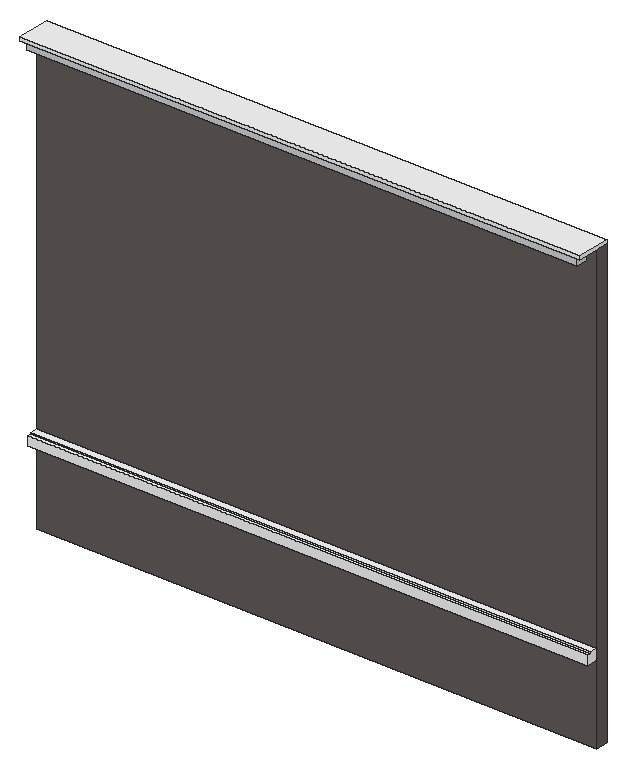
Revit family "Storage-Mounted-Teknion-B_WPA-Wall_Panel-R2018", category Furniture, Revit 2018
Family settings
  OmniClass Number = 23.40.70.14.64.21
  OmniClass Title = Systems Furniture
  Work Plane-Based = No
  Always vertical = Yes
  Cut with Voids When Loaded = No
  Shared = Yes
  Room Calculation Point = No
Parameters (values of type "On High Secondary Desk")
  Width [instance] = 48.000"
  Warranty = "http://www.teknion.com/ca/papers/legal-canada"
  Unit Weight URL = "http://www.teknion.com/pricing/expansion-casegoods/pdfs/wv.pdf"
  URL = "http://www.teknion.com/"
  Top and Accessory Rail Finish [instance] = Mica - Teknion - V - Satin - Very White
  Tackboard Upholstery Finish [instance] = Fabric - Teknion - S613 - Saturate - Dune
  Tackboard Bottom Starting Offset [instance] = if(and(High Secondary Desk Mounting Style, not(Has Accessory Rail)), 26.972", if(and([1" Thick Standard Worksurface Mounting Style], not(Has Accessory Rail)), 28.823", if(and([1-3/16" Thick Standard Worksurface Mounting Style], not(Has Accessory Rail)), 28.996", if(and([1-9/16" Thick Standard Worksurface Mounting Style], not(Has Accessory Rail)), 29.362", if(and([Mid-Height Mounting Style], not(Has Accessory Rail)), 21.000", 34.620")))))  # 34.620"
  Sustainability Data = "http://www.teknion.com/about-teknion/environment/datasheets.asp"
  Product Page URL = "http://www.teknion.com/ca/products/product-details?productlineid=0053336e-8e7a-673b-a6c8-ff00004460c4"
  Product Line = "Expansion Casegoods"  # constant formula
  Product Documentation Link #7 = "http://www.teknion.com/pricing/Expansion-Casegoods/pdfs/BBAS_ppg.pdf"
  Product Documentation Link #6 = "http://www.teknion.com/pricing/Expansion-Casegoods/pdfs/BLED_ppg.pdf"
  Product Documentation Link #5 = "http://www.teknion.com/pricing/Expansion-Casegoods/pdfs/BBWAM_ppg.pdf"
  Product Documentation Link #4 = "http://www.teknion.com/pricing/Expansion-Casegoods/pdfs/BBWAE_ppg.pdf"
  Product Documentation Link #3 = "http://www.teknion.com/pricing/Expansion-Casegoods/pdfs/BBWAP_ppg.pdf"
  Product Documentation Link #2 = "http://www.teknion.com/pricing/Expansion-Casegoods/pdfs/BBWAT_ppg.pdf"
  Product Documentation Link = "http://www.teknion.com/pricing/Expansion-Casegoods/pdfs/B_WPA_ppg.pdf"
  Power/Data Visibility [instance] = if(and(not(Low Secondary Desk Mounting Style), not(Has Accessory Rail), or(Has Glass Markerboard, Has Porcelain Markerboard, Has Fabric Tackboard, Has Felt Tackboard)), 1 > 2, not(No Power and Data))  # no
  Power/Data Plan View Offset [instance] = if(or([Power and Data Under Worksurface - Left], [Power and Data Over Worksurface - Left]), 15.000", if(or([Power and Data Under Worksurface - Right], [Power and Data Over Worksurface - Right]), Actual Width - 15.000", Actual Width / 2))  # 23.880"
  Power Data Height Offset [instance] = if(High Secondary Desk Mounting Style, 3.648", if([1" Thick Standard Worksurface Mounting Style], 1.797", if([1-3/16" Thick Standard Worksurface Mounting Style], 1.624", if([1-9/16" Thick Standard Worksurface Mounting Style], 1.258", if(and(Low Secondary Desk Mounting Style, or([Power and Data Over Worksurface - Center], [Power and Data Over Worksurface - Left], [Power and Data Over Worksurface - Right])), 13.195", 3.480")))))  # 3.648"
  Porcelain/Glass Markerboard Visibility [instance] = or(Has Glass Markerboard, Has Porcelain Markerboard)  # no
  Part Number = "B_WPA"  # constant formula
  Panel Finish [instance] = Veneer - Teknion - VB - Flintwood - Black Walnut
  No Power and Data [instance] = not(or([Power and Data Over Worksurface - Center], [Power and Data Over Worksurface - Left], [Power and Data Over Worksurface - Right], [Power and Data Under Worksurface - Center], [Power and Data Under Worksurface - Left], [Power and Data Under Worksurface - Right]))  # yes
  Power and Data Under Worksurface - Right [instance] = no
  Power and Data Under Worksurface - Left [instance] = no
  Power and Data Under Worksurface - Center [instance] = no
  Linear LED Light Width Type [instance] = Lighting-Teknion-BLED_Linear_LED_Light-R2018 : 48" Width
  Light Shelf Note [instance] = "Light Shelf can only be specified if the Has Top Shelf & Accessory Rail option is selected above."  # constant formula
  Light Shelf Finish = Mica - Teknion - V - Satin - Very White
  Has Porcelain Markerboard [instance] = no
  Has No Accessory Board [instance] = not(or(Has Glass Markerboard, Has Porcelain Markerboard, Has Fabric Tackboard, Has Felt Tackboard))  # yes
  Has Linear LED Light [instance] = yes
  Has Light Shelf [instance] = no
  Has Felt Tackboard [instance] = no
  Fabric/Felt Tackboard Visibility [instance] = or(Has Fabric Tackboard, Has Felt Tackboard)  # no
  Available Widths [instance] = "24, 30, 36, 42, 48, 54, 60, 66, 72, 78, 84, or 90 inches."  # constant formula
  Model = "BHWPA_____"
  Mid-Height Mounting Style = no
  Manufacturer Phone = "416-661-3370"  # constant formula
  Manufacturer Fax = "416.661.4586"  # constant formula
  Manufacturer Contact Information = "http://www.teknion.com/ca/contactus"
  Manufacturer Address = "1150 Flint Road, Toronto, ON. M3J 2J5. Canada"
  Manufacturer = "Teknion"  # constant formula
  Low Secondary Desk Mounting Style = no
  High Secondary Desk Mounting Style = yes
  Has Fabric Tackboard [instance] = no
  Bottom of Standard Overhead Cabinet mounted at 72" [instance] = no
  Bottom of Standard Overhead Cabinet mounted at 66" [instance] = no
  Power and Data Over Worksurface - Right [instance] = no
  Power and Data Over Worksurface - Left [instance] = no
  Power and Data Over Worksurface - Center [instance] = no
  Has Glass Markerboard [instance] = no
  Bottom of Cubic Overhead Cabinet mounted at 72" [instance] = no
  Bottom of Cubic Overhead Cabinet mounted at 66" [instance] = not(or([72" Datum Height], [66" Datum Height], [Bottom of Standard Overhead Cabinet mounted at 72"], [Bottom of Cubic Overhead Cabinet mounted at 72"], [Bottom of Standard Overhead Cabinet mounted at 66"]))  # no
  Has Accessory Rail [instance] = yes
  Glass Markerboard Finish [instance] = Back-painted Glass - K7 - Teknion - Very White
  Description = "Wall Panel, High Secondary Desk"
  Datum Height Note [instance] = if(or([1" Thick Standard Worksurface Mounting Style], [1-3/16" Thick Standard Worksurface Mounting Style], [1-9/16" Thick Standard Worksurface Mounting Style]), "Please choose one of the following options below. Bottom of Cubic Overhead Cabinet at 66 and Bottom of Cubic Overhead Cabinet mounted at 72 options not available", if([Mid-Height Mounting Style], "Select either 66 Datum Height or 72 Datum Height.", "Please choose one of the following options below."))  # "Please choose one of the following options below."
  Bottom of Wall Panel Height = if(High Secondary Desk Mounting Style, 26.972", if(Low Secondary Desk Mounting Style, 17.425", if([1" Thick Standard Worksurface Mounting Style], 28.823", if([1-3/16" Thick Standard Worksurface Mounting Style], 28.996", if([1-9/16" Thick Standard Worksurface Mounting Style], 29.362", 21.000")))))  # 26.972"
  Available Electrical Options [instance] = if(or([Mid-Height Mounting Style], Width = 24.000", Width = 30.000"), "Choose No Power and Data.", if(or(Width = 36.000", Width = 42.000"), "Choose between No Power and Data, Power and Data Under Worksurface - Center, or Power and Data Over Worksurface - Center", if(and(Low Secondary Desk Mounting Style, not(or(Width = 24.000", Width = 30.000", Width = 36.000", Width = 42.000"))), "Choose one of the following options below.", "Choose between Power and Data Over Worksurface - Center, Power and Data Over Worksurface - Left, Power and Data Over Worksurface - Right, or No Power and Data.")))  # "Choose between Power and Data Over Worksurface - Center, Power and Data Over Worksurface - Left, Power and Data Over Worksurface - Right, or No Power and Data."
  Assembly Code = "E2020200"
  Actual Width [instance] = if(Width = 24.000", 23.880", if(Width = 30.000", 29.850", if(Width = 36.000", 35.820", if(Width = 42.000", 41.790", if(Width = 48.000", 47.760", if(Width = 54.000", 53.730", if(Width = 60.000", 59.700", if(Width = 66.000", 65.670", if(Width = 72.000", 71.640", if(Width = 78.000", 77.610", if(Width = 84.000", 83.580", 89.551")))))))))))  # 47.760"
  Actual Height [instance] = if([72" Datum Height], 71.626", if([66" Datum Height], 65.374", if([Bottom of Standard Overhead Cabinet mounted at 72"], 57.059", if([Bottom of Cubic Overhead Cabinet mounted at 72"], 53.644", if([Bottom of Standard Overhead Cabinet mounted at 66"], 50.807", 49.476")))))  # 65.374"
  Accessories Note [instance] = "Choose one of the following options below."  # constant formula
  72" Datum Height [instance] = no
  66" Datum Height [instance] = yes
  1-9/16" Thick Standard Worksurface Mounting Style = no
  1-3/16" Thick Standard Worksurface Mounting Style = no
  1" Thick Standard Worksurface Mounting Style = no
Types (6): name | Power Data Height Offset | Model | Mid-Height Mounting Style | Low Secondary Desk Mounting Style | High Secondary Desk Mounting Style | Description | Datum Height Note | Bottom of Wall Panel Height | Available Electrical Options | 1-9/16" Thick Standard Worksurface Mounting Style | 1-3/16" Thick Standard Worksurface Mounting Style | 1" Thick Standard Worksurface Mounting Style
  On High Secondary Desk | 3.648" | "BHWPA_____" | no | no | yes | "Wall Panel, High Secondary Desk" | "Please choose one of the following options below." | 26.972" | "Choose between Power and Data Over Worksurface - Center, Power and Data Over Worksurface - Left, Power and Data Over Worksurface - Right, or No Power and Data." | no | no | no
  On Low Secondary Desk | 3.480" | "BLWPA_____" | no | yes | no | "Wall Panel, Low Secondary Desk" | "Please choose one of the following options below." | 17.425" | "Choose one of the following options below." | no | no | no
  On 1" Thick Standard Worksurface | 1.797" | "BDWPA_____" | no | no | no | "Wall Panel, On 1\" Thick Standard Worksurface" | "Please choose one of the following options below. Bottom of Cubic Overhead Cabinet at 66 and Bottom of Cubic Overhead Cabinet mounted at 72 options not available" | 28.823" | "Choose between Power and Data Over Worksurface - Center, Power and Data Over Worksurface - Left, Power and Data Over Worksurface - Right, or No Power and Data." | no | no | yes
  On 1-3/16" Thick Standard Worksurface | 1.624" | "BMWPA_____" | no | no | no | "Wall Panel, On 1-3/16\" Thick Standard Worksurface" | "Please choose one of the following options below. Bottom of Cubic Overhead Cabinet at 66 and Bottom of Cubic Overhead Cabinet mounted at 72 options not available" | 28.996" | "Choose between Power and Data Over Worksurface - Center, Power and Data Over Worksurface - Left, Power and Data Over Worksurface - Right, or No Power and Data." | no | yes | no
  On 1-9/16" Thick Standard Worksurface | 1.258" | "BXWPA_____" | no | no | no | "Wall Panel, On 1-9/16\" Thick Standard Worksurface" | "Please choose one of the following options below. Bottom of Cubic Overhead Cabinet at 66 and Bottom of Cubic Overhead Cabinet mounted at 72 options not available" | 29.362" | "Choose between Power and Data Over Worksurface - Center, Power and Data Over Worksurface - Left, Power and Data Over Worksurface - Right, or No Power and Data." | yes | no | no
  Mid-Height Mounting Style | 3.480" | "BKWPA_____" | yes | no | no | "Wall Panel, Mid-Height Mounting Style" | "Select either 66 Datum Height or 72 Datum Height." | 21.000" | "Choose No Power and Data." | no | no | no
Reference planes (in)
  plane 1 "Center F/B": y = 0
  plane 2 "Bottom of Panel": z = 26.972
  plane 3 "Center L/R": x = 0
  plane 4 "Left": x = -23.88
  plane 5 "Right": x = 23.88
  plane 6 "Back": y = 0.5
  plane 7 "Front": y = -0.5
  plane 8 "Top": z = 65.374
  plane 9: z = 0
  plane 10: z = 49.19018
  plane 11: z = 34.38
  plane 12: y = -0.98071
  plane 13 "Power/Data Offset": x = 0
  plane 14 "Power/Data Height Offset": z = 30.62
Forms (in)
  Sweep 1, solid, material "Veneer - Teknion - VB - Flintwood - Black Walnut" <- "Panel Finish"
    path origin (0, 0, 0) x (1, 0, 0) y (0, 1, 0)
      loop
        line (-23.88, 0) -> (23.88, 0)
    profile origin (0, 0, 0) x (0, 1, 0) y (0, 0, 1)
      loop
        line (0.5, 65.05904) -> (-0.5, 65.05904) -> (-0.5, 26.972) -> (0.5, 26.972) -> (0.5, 65.05904)
  Sweep 2, solid, material "Mica - Teknion - V - Satin - Very White" <- "Top and Accessory Rail Finish"
    path origin (0, 0, 0) x (1, 0, 0) y (0, 1, 0)
      loop
        line (-23.88, 0) -> (23.88, 0)
    profile origin (0, 0, 0) x (0, 1, 0) y (0, 0, 1)
      loop
        line (0.5, 65.374) -> (-2.2874, 65.374) -> (-2.2874, 65.05904) -> (0.5, 65.05904) -> (0.5, 65.374)
  Sweep 3, solid, material "Mica - Teknion - V - Satin - Very White" <- "Top and Accessory Rail Finish", visible <- "Has Accessory Rail"
    path origin (0, 0, -37.58062) x (1, 0, 0) y (0, 1, 0)
      loop
        line (-23.88, 0) -> (23.88, 0)
    profile origin (0, 0, -37.58062) x (0, 1, 0) y (0, 0, 1)
      loop
        line (-0.5, 72.19685) -> (-1.18504, 72.19685) -> (-1.18504, 72.09842) -> (-1.46063, 72.09842) -> (-1.46063, 71.2874) -> (-0.5, 71.2874) -> (-0.5, 72.19685)
  Sweep 4, solid, material "Mica - Teknion - V - Satin - Very White", visible <- "Power/Data Visibility"
    path origin (0, 0, -27.56363) x (1, 0, 0) y (0, 1, 0)
      loop
        line (-7.48031, 0) -> (7.48031, 0)
    profile origin (0, 0, -27.56363) x (0, 1, 0) y (0, 0, 1)
      loop
        line (-0.7126, 60.8608) -> (-0.7126, 58.18363) -> (-0.5, 58.18363) -> (-0.5, 60.8608) -> (-0.7126, 60.8608)
  Sweep 5, solid, material "Fabric - Teknion - S613 - Saturate - Dune" <- "Tackboard Upholstery Finish", visible <- "Fabric/Felt Tackboard Visibility"
    path origin (0, 0, -16.37402) x (1, 0, 0) y (0, 1, 0)
      loop
        line (-23.88, 0) -> (23.88, 0)
    profile origin (0, 0, -16.37402) x (0, 1, 0) y (0, 0, 1)
      loop
        line (-1.18504, 50.99402) -> (-0.5, 50.99402) -> (-0.5, 81.43306) -> (-1.18504, 81.43306) -> (-1.18504, 50.99402)
  Extrusion 6, solid, material "Plastic - Teknion - E - Ebony", visible <- "Power/Data Visibility"
    sketch origin (0, -0.5, -0.18961) x (1, 0, 0) y (0, 0, 1)
      loop
        line (-3.62205, 32.93944) -> (-6.92913, 32.93944) -> (-6.92913, 31.36464) -> (-3.62205, 31.36464) -> (-3.62205, 32.93944)
    from 0.2126 to 0.64961
  Extrusion 7, solid, material "Plastic - Teknion - E - Ebony", visible <- "Power/Data Visibility"
    sketch origin (10.5, -0.5, -0.18961) x (1, 0, 0) y (0, 0, 1)
      loop
        line (-4.88976, 32.67969) -> (-4.88976, 31.6167) -> (-3.82677, 31.6167) -> (-3.82677, 32.67969) -> (-4.88976, 32.67969)
      loop
        line (-3.95276, 32.3982) -> (-3.95276, 32.49269) -> (-4.26772, 32.49269) -> (-4.26772, 32.3982) -> (-3.95276, 32.3982)
      loop
        arc (-4.54331, 32.05371) -> (-4.44882, 32.1482) -> (-4.54331, 32.24269) r 0.09449
        line (-4.54331, 32.24269) -> (-4.70079, 32.24269) -> (-4.70079, 32.05371) -> (-4.54331, 32.05371)
      loop
        line (-4.26772, 31.8982) -> (-4.26772, 31.80371) -> (-3.95276, 31.80371) -> (-3.95276, 31.8982) -> (-4.26772, 31.8982)
    from 0.2126 to 0.29291
  Extrusion 8, solid, material "Plastic - Teknion - E - Ebony", visible <- "Power/Data Visibility"
    sketch origin (9.24016, -0.5, -0.18961) x (1, 0, 0) y (0, 0, 1)
      loop
        line (-4.88976, 32.67969) -> (-4.88976, 31.6167) -> (-3.82677, 31.6167) -> (-3.82677, 32.67969) -> (-4.88976, 32.67969)
      loop
        line (-3.95276, 32.3982) -> (-3.95276, 32.49269) -> (-4.26772, 32.49269) -> (-4.26772, 32.3982) -> (-3.95276, 32.3982)
      loop
        arc (-4.54331, 32.05371) -> (-4.44882, 32.1482) -> (-4.54331, 32.24269) r 0.09449
        line (-4.54331, 32.24269) -> (-4.70079, 32.24269) -> (-4.70079, 32.05371) -> (-4.54331, 32.05371)
      loop
        line (-4.26772, 31.8982) -> (-4.26772, 31.80371) -> (-3.95276, 31.80371) -> (-3.95276, 31.8982) -> (-4.26772, 31.8982)
    from 0.2126 to 0.29291
  Extrusion 9, solid, material "Plastic - Teknion - E - Ebony", visible <- "Power/Data Visibility"
    sketch origin (7.98031, -0.5, -0.18961) x (1, 0, 0) y (0, 0, 1)
      loop
        line (-4.88976, 32.67969) -> (-4.88976, 31.6167) -> (-3.82677, 31.6167) -> (-3.82677, 32.67969) -> (-4.88976, 32.67969)
      loop
        line (-3.95276, 32.3982) -> (-3.95276, 32.49269) -> (-4.26772, 32.49269) -> (-4.26772, 32.3982) -> (-3.95276, 32.3982)
      loop
        arc (-4.54331, 32.05371) -> (-4.44882, 32.1482) -> (-4.54331, 32.24269) r 0.09449
        line (-4.54331, 32.24269) -> (-4.70079, 32.24269) -> (-4.70079, 32.05371) -> (-4.54331, 32.05371)
      loop
        line (-4.26772, 31.8982) -> (-4.26772, 31.80371) -> (-3.95276, 31.80371) -> (-3.95276, 31.8982) -> (-4.26772, 31.8982)
    from 0.2126 to 0.29291
  Extrusion 10, solid, material "Plastic - Teknion - E - Ebony", visible <- "Power/Data Visibility"
    sketch origin (6.72047, -0.5, -0.18961) x (1, 0, 0) y (0, 0, 1)
      loop
        line (-4.88976, 32.67969) -> (-4.88976, 31.6167) -> (-3.82677, 31.6167) -> (-3.82677, 32.67969) -> (-4.88976, 32.67969)
      loop
        line (-3.95276, 32.3982) -> (-3.95276, 32.49269) -> (-4.26772, 32.49269) -> (-4.26772, 32.3982) -> (-3.95276, 32.3982)
      loop
        arc (-4.54331, 32.05371) -> (-4.44882, 32.1482) -> (-4.54331, 32.24269) r 0.09449
        line (-4.54331, 32.24269) -> (-4.70079, 32.24269) -> (-4.70079, 32.05371) -> (-4.54331, 32.05371)
      loop
        line (-4.26772, 31.8982) -> (-4.26772, 31.80371) -> (-3.95276, 31.80371) -> (-3.95276, 31.8982) -> (-4.26772, 31.8982)
    from 0.2126 to 0.29291
  Extrusion 11, solid, material "Plastic - Teknion - E - Ebony", visible <- "Power/Data Visibility"
    sketch origin (4.25, -0.5, -0.18961) x (1, 0, 0) y (0, 0, 1)
      loop
        circle (-5.14568, 32.14822) r 0.1516
    from 0.2126 to 0.46457
  Sweep 12, solid, material "Glass - Teknion - A5 - Standard - Clear", visible <- "Porcelain/Glass Markerboard Visibility"
    path origin (0, 0, 0) x (1, 0, 0) y (0, 1, 0)
      loop
        line (-23.88, 0) -> (23.88, 0)
    profile origin (0, 0, 0) x (0, 1, 0) y (0, 0, 1)
      loop
        line (-1.18504, 34.62) -> (-0.98071, 34.62) -> (-0.98071, 65.05904) -> (-1.18504, 65.05904) -> (-1.18504, 34.62)
  Sweep 13, solid, material "Back-painted Glass - K7 - Teknion - Very White" <- "Glass Markerboard Finish", visible <- "Porcelain/Glass Markerboard Visibility"
    path origin (0, 0, 0) x (1, 0, 0) y (0, 1, 0)
      loop
        line (-23.88, 0) -> (23.88, 0)
    profile origin (0, 0, 0) x (0, 1, 0) y (0, 0, 1)
      loop
        line (-0.98071, 34.62) -> (-0.5, 34.62) -> (-0.5, 65.05904) -> (-0.98071, 65.05904) -> (-0.98071, 34.62)
  Extrusion 14, solid, material "Mica - Teknion - V - Satin - Very White" <- "Light Shelf Finish", visible <- "Has Light Shelf"
    sketch origin (-17.91, 0, -20.33308) x (0, 1, 0) y (0, 0, 1)
      loop
        line (-5.82638, 54.92869) -> (-5.82638, 54.69247) -> (-1.46063, 54.69247) -> (-1.46063, 54.85388) -> (-1.18071, 54.85388) -> (-1.18071, 54.92869) -> (-5.82638, 54.92869)
    from -5.97 to 41.79
Lines and regions (in)
  Masking region 1
    outline origin (0, 0, 0) x (1, 0, 0) y (0, 1, 0)
      loop
        line (-23.88, 0.5) -> (-23.88, -2.2874) -> (23.88, -2.2874) -> (23.88, 0.5) -> (-23.88, 0.5)
  Masking region 2, visible <- "Has Light Shelf"
    outline origin (0, 0, 0) x (1, 0, 0) y (0, 1, 0)
      loop
        line (-23.88, -1.0855) -> (-23.88, -5.82638) -> (23.88, -5.82638) -> (23.88, -1.0855) -> (-23.88, -1.0855)
  symbolic lines, style "Hidden Lines", detail levels medium+fine
    curve 1: line (-23.88, -0.5, 0) -> (23.88, -0.5, 0)
  symbolic lines, style "Hidden Lines", detail levels fine
    curve 2: line (-23.88, -1.18504, 0) -> (23.88, -1.18504, 0)
  symbolic lines, style "Hidden Lines", visible <- "Power/Data Visibility", detail levels fine
    curve 3: line (-7.48031, -0.7126, 0) -> (7.48031, -0.7126, 0)
    curve 4: line (7.48031, -0.7126, 0) -> (7.48031, -0.5, 0)
    curve 5: line (7.48031, -0.5, 0) -> (-7.48031, -0.5, 0)
    curve 6: line (-7.48031, -0.5, 0) -> (-7.48031, -0.7126, 0)
    curve 7: line (1.83071, -0.7126, 0) -> (1.83071, -0.79291, 0)
    curve 8: line (1.83071, -0.79291, 0) -> (2.8937, -0.79291, 0)
    curve 9: line (2.8937, -0.79291, 0) -> (2.8937, -0.7126, 0)
    curve 10: line (3.09055, -0.7126, 0) -> (3.09055, -0.79291, 0)
    curve 11: line (3.09055, -0.79291, 0) -> (4.15354, -0.79291, 0)
    curve 12: line (4.35039, -0.79291, 0) -> (5.41339, -0.79291, 0)
    curve 13: line (5.61024, -0.79291, 0) -> (6.67323, -0.79291, 0)
    curve 14: line (6.67323, -0.79291, 0) -> (6.67323, -0.7126, 0)
    curve 15: line (-3.62205, -1.14961, 0) -> (-3.62205, -0.7126, 0)
    curve 16: line (-6.92913, -1.14961, 0) -> (-3.62205, -1.14961, 0)
    curve 17: line (-6.92913, -0.7126, 0) -> (-6.92913, -1.14961, 0)
  reference lines, not visible
    curve 18: line (23.88, -0.5, 0) -> (-23.88, -0.5, 0)
    curve 19: line (-23.88, 0.5, 0) -> (-23.88, -0.5, 0)
    curve 20: line (-23.88, 0.5, 0) -> (23.88, 0.5, 0)
    curve 21: line (23.88, 0.5, 0) -> (23.88, -0.5, 0)
Dimensions and locks (in)
  equal spacing: plane 4 "Left", plane 3 "Center L/R", plane 5 "Right"
  equal spacing: plane 6 "Back", plane 1 "Center F/B", plane 7 "Front"
  locked: plane 6 "Back" to plane 7 "Front" at 1
  locked: plane 8 "Top" to Sweep 2 sketch curve at 0.31496
  locked: plane 6 "Back" to Sweep 2 sketch curve at 2.7874
  locked: plane 8 "Top" to Sweep 1 sketch curve at 0.31496
  "Actual Width": plane 4 "Left" to plane 5 "Right"
  locked: plane 7 "Front" to Sweep 3 sketch curve at 0.96063
  Sweep 4 sketch curve to Sweep 4 sketch curve to plane 14 "Power/Data Height Offset" = 2.67717" locked, 0.000" locked
  locked: plane 7 "Front" to Sweep 5 sketch curve at 0.68504
  Sweep 3 sketch curve to Sweep 3 sketch curve to plane 11 to Sweep 3 sketch curve = 0.09843" locked, 0.1378" locked, 0.67322" locked
  "Bottom of Wall Panel Height": plane 2 "Bottom of Panel" to plane 9
  "Actual Height": plane 8 "Top" to plane 9
  locked: plane 11 to level at 34.38
  plane 13 "Power/Data Offset" to Extrusion 6 sketch curve to Extrusion 6 sketch curve = 3.62205" locked, 3.30709" locked
  Extrusion 6 sketch curve to Extrusion 6 sketch curve to plane 14 "Power/Data Height Offset" = 1.5748" locked, 0.55502" locked
  Extrusion 7 sketch curve to Extrusion 7 sketch curve to plane 13 "Power/Data Offset" = 1.06299" locked, 5.61024" locked
  Extrusion 7 sketch curve to Extrusion 7 sketch curve to plane 14 "Power/Data Height Offset" = 1.06299" locked, 0.80709" locked
  Extrusion 7 sketch curve to Extrusion 7 sketch curve to Extrusion 7 sketch curve to Extrusion 7 sketch curve to Extrusion 7 sketch curve to Extrusion 7 sketch curve to Extrusion 7 sketch curve = 0.12598" locked, 0.000" locked, 0.31496" locked, 0.000" locked, 0.27559" locked, 0.15748" locked
  Extrusion 7 sketch curve to Extrusion 7 sketch curve to Extrusion 7 sketch curve to Extrusion 7 sketch curve to Extrusion 7 sketch curve to Extrusion 7 sketch curve to Extrusion 7 sketch curve to Extrusion 7 sketch curve = 0.18701" locked, 0.09449" locked, 0.15551" locked, 0.09449" locked, 0.09449" locked, 0.15551" locked, 0.09449" locked
  Extrusion 8 sketch curve to Extrusion 8 sketch curve to plane 13 "Power/Data Offset" = 1.06299" locked, 4.35039" locked
  Extrusion 8 sketch curve to Extrusion 8 sketch curve to plane 14 "Power/Data Height Offset" = 1.06299" locked, 0.80709" locked
  Extrusion 8 sketch curve to Extrusion 8 sketch curve to Extrusion 8 sketch curve to Extrusion 8 sketch curve to Extrusion 8 sketch curve to Extrusion 8 sketch curve to Extrusion 8 sketch curve = 0.12598" locked, 0.000" locked, 0.31496" locked, 0.000" locked, 0.27559" locked, 0.15748" locked
  Extrusion 8 sketch curve to Extrusion 8 sketch curve to Extrusion 8 sketch curve to Extrusion 8 sketch curve to Extrusion 8 sketch curve to Extrusion 8 sketch curve to Extrusion 8 sketch curve to Extrusion 8 sketch curve = 0.18701" locked, 0.09449" locked, 0.15551" locked, 0.09449" locked, 0.09449" locked, 0.15551" locked, 0.09449" locked
  Extrusion 9 sketch curve to Extrusion 9 sketch curve to plane 13 "Power/Data Offset" = 1.06299" locked, 3.09055" locked
  Extrusion 9 sketch curve to Extrusion 9 sketch curve to plane 14 "Power/Data Height Offset" = 1.06299" locked, 0.80709" locked
  Extrusion 9 sketch curve to Extrusion 9 sketch curve to Extrusion 9 sketch curve to Extrusion 9 sketch curve to Extrusion 9 sketch curve to Extrusion 9 sketch curve to Extrusion 9 sketch curve = 0.12598" locked, 0.000" locked, 0.31496" locked, 0.000" locked, 0.27559" locked, 0.15748" locked
  Extrusion 9 sketch curve to Extrusion 9 sketch curve to Extrusion 9 sketch curve to Extrusion 9 sketch curve to Extrusion 9 sketch curve to Extrusion 9 sketch curve to Extrusion 9 sketch curve to Extrusion 9 sketch curve = 0.18701" locked, 0.09449" locked, 0.15551" locked, 0.09449" locked, 0.09449" locked, 0.15551" locked, 0.09449" locked
  Extrusion 10 sketch curve to Extrusion 10 sketch curve to plane 13 "Power/Data Offset" = 1.06299" locked, 1.83071" locked
  Extrusion 10 sketch curve to Extrusion 10 sketch curve to plane 14 "Power/Data Height Offset" = 1.06299" locked, 0.80709" locked
  Extrusion 10 sketch curve to Extrusion 10 sketch curve to Extrusion 10 sketch curve to Extrusion 10 sketch curve to Extrusion 10 sketch curve to Extrusion 10 sketch curve to Extrusion 10 sketch curve = 0.12598" locked, 0.000" locked, 0.31496" locked, 0.000" locked, 0.27559" locked, 0.15748" locked
  Extrusion 10 sketch curve to Extrusion 10 sketch curve to Extrusion 10 sketch curve to Extrusion 10 sketch curve to Extrusion 10 sketch curve to Extrusion 10 sketch curve to Extrusion 10 sketch curve to Extrusion 10 sketch curve = 0.18701" locked, 0.09449" locked, 0.15551" locked, 0.09449" locked, 0.09449" locked, 0.15551" locked, 0.09449" locked
  locked: Extrusion 6 to plane 7 "Front" at 0.64961
  Extrusion 10 to Extrusion 9 to Extrusion 8 to Extrusion 7 to plane 7 "Front" = 0.000" locked, 0.000" locked, 0.000" locked, 0.29291" locked
  locked: plane 13 "Power/Data Offset" to Extrusion 11 sketch curve at 0.89568
  locked: Extrusion 11 sketch curve to plane 14 "Power/Data Height Offset" at 1.33861
  locked: Extrusion 11 to plane 7 "Front" at 0.46457
  "Tackboard Bottom Starting Offset": Sweep 5 sketch curve to level
  "Tackboard Bottom Starting Offset": Sweep 12 sketch curve to level
  locked: plane 1 "Center F/B" to plane 12 at 0.98071
  locked: plane 12 to Sweep 12 sketch curve at 0.20433
  "Tackboard Bottom Starting Offset": Sweep 13 sketch curve to level
  "Power/Data Plan View Offset": plane 4 "Left" to plane 13 "Power/Data Offset"
  Sweep 4 sketch curve to plane 13 "Power/Data Offset" to Sweep 4 sketch curve = 7.48031" locked, 7.48031" locked
  "Power Data Height Offset": plane 2 "Bottom of Panel" to plane 14 "Power/Data Height Offset"
  plane 12 to Extrusion 14 sketch curve to Extrusion 14 sketch curve to Extrusion 14 sketch curve = 0.200" locked, 0.27992" locked, 4.36575" locked
  Extrusion 14 sketch curve to plane 11 to Extrusion 14 sketch curve to Extrusion 14 sketch curve = 0.02062" locked, 0.1408" locked, 0.0748" locked
  aligned and locked: plane 5 "Right" to Sweep 1 sketch curve
  aligned and locked: plane 4 "Left" to Sweep 1 sketch curve
  aligned and locked: Sweep 1 sketch curve to plane 1 "Center F/B"
  aligned and locked: Sweep 1 sketch curve to plane 6 "Back"
  aligned and locked: Sweep 1 sketch curve to plane 7 "Front"
  aligned and locked: plane 2 "Bottom of Panel" to Sweep 1 sketch curve
  aligned and locked: Sweep 2 sketch curve to plane 6 "Back"
  aligned and locked: Sweep 2 sketch curve to plane 8 "Top"
  aligned and locked: Masking region 1 sketch curve to plane 6 "Back"
  aligned and locked: Masking region 1 sketch curve to plane 4 "Left"
  aligned and locked: Masking region 1 sketch curve to Sweep 2
  aligned and locked: Masking region 1 sketch curve to plane 5 "Right"
  aligned and locked: curve 1 to Sweep 1
  aligned and locked: Sweep 3 sketch curve to plane 7 "Front"
  aligned and locked: Sweep 4 sketch curve to plane 7 "Front"
  aligned and locked: plane 1 "Center F/B" to Sweep 4 sketch curve
  aligned and locked: Sweep 3 sketch curve to plane 1 "Center F/B"
  aligned and locked: plane 4 "Left" to Sweep 3 sketch curve
  aligned and locked: plane 5 "Right" to Sweep 3 sketch curve
  aligned and locked: plane 7 "Front" to Sweep 5 sketch curve
  aligned and locked: Sweep 5 sketch curve to plane 1 "Center F/B"
  aligned and locked: plane 5 "Right" to Sweep 5 sketch curve
  aligned and locked: plane 4 "Left" to Sweep 5 sketch curve
  aligned and locked: plane 4 "Left" to Sweep 2 sketch curve
  aligned and locked: plane 5 "Right" to Sweep 2 sketch curve
  aligned and locked: Sweep 2 sketch curve to plane 1 "Center F/B"
  aligned and locked: Extrusion 6 to Sweep 4
  aligned and locked: Extrusion 11 to Sweep 4
  aligned and locked: Extrusion 7 to Sweep 4
  aligned and locked: Extrusion 8 to Sweep 4
  aligned and locked: Extrusion 9 to Sweep 4
  aligned and locked: Extrusion 10 to Sweep 4
  aligned and locked: Sweep 5 to Sweep 4
  aligned and locked: Sweep 2 to Sweep 5 sketch curve
  aligned and locked: Sweep 12 sketch curve to Sweep 5
  aligned and locked: plane 5 "Right" to Sweep 12 sketch curve
  aligned and locked: plane 4 "Left" to Sweep 12 sketch curve
  aligned and locked: Sweep 12 sketch curve to plane 12
  aligned and locked: plane 7 "Front" to Sweep 13 sketch curve
  aligned and locked: Sweep 2 to Sweep 13 sketch curve
  aligned and locked: Sweep 13 sketch curve to plane 12
  aligned and locked: curve 2 to Sweep 12
  aligned and locked: curve 3 to Sweep 4
  aligned and locked: curve 4 to Sweep 4
  aligned and locked: curve 5 to Sweep 4
  aligned and locked: curve 6 to Sweep 4
  aligned and locked: curve 7 to Extrusion 10
  aligned and locked: curve 8 to Extrusion 10
  aligned and locked: curve 9 to Extrusion 10
  aligned and locked: curve 10 to Extrusion 9
  aligned and locked: curve 11 to Extrusion 9
  aligned and locked: curve 12 to Extrusion 8
  aligned and locked: curve 13 to Extrusion 7
  aligned and locked: curve 14 to Extrusion 7
  aligned and locked: curve 19 to plane 4 "Left"
  aligned and locked: curve 20 to plane 6 "Back"
  aligned and locked: curve 21 to plane 5 "Right"
  aligned and locked: curve 18 to plane 7 "Front"
  aligned and locked: Sweep 12 to nested 1
  aligned and locked: nested 1 to plane 3 "Center L/R"
  aligned and locked: nested 1 to Sweep 2
  aligned and locked: plane 4 "Left" to Extrusion 14
  aligned and locked: Extrusion 14 to plane 5 "Right"
Automatic sketch dimensions
  plane 1 "Center F/B" to Sweep 12 sketch curve = 0.000"
  curve 2 to plane 4 "Left" = 0.000"
  curve 1 to plane 4 "Left" = 0.000"
  curve 1 to plane 5 "Right" = 0.000"
  curve 2 to plane 5 "Right" = 0.000"
  curve 10 to curve 11 = 1.06299"
  curve 11 to curve 12 = 0.19685"
  curve 12 to curve 12 = 1.06299"
  curve 12 to curve 13 = 0.19685"
  Sweep 3 sketch curve to Sweep 3 sketch curve = 0.27559"
  Sweep 4 sketch curve to Sweep 4 sketch curve = 0.2126"
  Sweep 13 sketch curve to plane 1 "Center F/B" = 0.000"
  Sweep 13 sketch curve to plane 4 "Left" = 0.000"
  Sweep 13 sketch curve to plane 5 "Right" = 0.000"
  curve 16 to plane 12 = 0.1689"
  curve 3 to curve 16 = 0.55118"
  curve 16 to curve 16 = 3.30709"
  Masking region 2 sketch curve to plane 4 "Left" = 0.000"
  Masking region 2 sketch curve to plane 5 "Right" = 0.000"
  Masking region 2 sketch curve to plane 12 = 4.84567"
  Masking region 2 sketch curve to plane 12 = 0.10479"
  radius of Extrusion 11 sketch curve = 0.1516"
Nested families (in)
  nested 1: "Lighting-Teknion-BLED_Linear_LED_Light-R2018" at (0, -1.65748, -0.31496), visible <- "Has Linear LED Light", type <- "Linear LED Light Width Type", Height <- "Actual Height", type "48" Width"
    with Height 65.374"
Definition of nested family "Lighting-Teknion-BLED_Linear_LED_Light-R2018"
  Parameters (values of type "48" Width")
    Width = 46.953"
    Wattage = 12.1178 W
    Warranty = "http://www.teknion.com/ca/papers/legal-canada"
    built-in parameter 1150110 = 1 (stored number, unit not read)
    URL = "www.teknion.com"
    built-in parameter 1114217 = 1 (stored number, unit not read)
    built-in parameter 1150109 = 1 (stored number, unit not read)
    built-in parameter 1150134 = (empty or 0)
    built-in parameter 1150113 = 1 (stored number, unit not read)
    Series = "Expansion Casegoods"  # constant formula
    Product Page URL = "https://www.teknion.com/ca/products/product-details?productLineId=0053336e-8e7a-673b-a6c8-ff00004460c4"
    Product Line = "Expansion Casegoods"  # constant formula
    Product Documentation Link = "https://www.teknion.com/pricing/expansion-casegoods/pdfs/BLED_ppg.pdf"
    Part Number = "BLED"  # constant formula
    Model = "BLED48"
    Manufacturer Phone = "416-661-3370"  # constant formula
    Manufacturer Fax = "416.661.4586"  # constant formula
    Manufacturer Contact Information = "http://www.teknion.com/ca/contactus"
    Manufacturer Address = "1150 Flint Road, Toronto, ON. M3J 2J5. Canada"  # constant formula
    Manufacturer = "Teknion"  # constant formula
    Lumens = 1800 lm
    built-in parameter 1150115 = 1 (stored number, unit not read)
    built-in parameter 1150105 = 572.96 (stored number, unit not read)
    Light Source Symbol Size = 24.000"
    built-in parameter 1150137 = (empty or 0)
    built-in parameter 1150139 = (empty or 0)
    built-in parameter 1150112 = 1 (stored number, unit not read)
    built-in parameter 1150114 = 1 (stored number, unit not read)
    built-in parameter 1150132 = 2
    built-in parameter 1150102 = (empty or 0)
    built-in parameter 1150138 = (empty or 0)
    built-in parameter 1150107 = 3000 (stored number, unit not read)
    built-in parameter 1150106 = 5.7296 (stored number, unit not read)
    Height [instance] = 54.000"
    Emit from Line Length = 46.000"
    built-in parameter 1150104 = 13.8 (stored number, unit not read)
    Dimming Lamp Color Temperature Shift = (empty or 0)
    Description = "Linear LED Light, 48\" Width"
    Color Filter = 16777215
    built-in parameter 1114218 = 1 (stored number, unit not read)
    built-in parameter 1150133 = 10 (stored number, unit not read)
  Types (4): name | Width | Model | Height | Emit from Line Length | Description
    (no name) | 46.953" | "BLED48" | 54.000" | 46.000" | "Linear LED Light, 48\" Width"
    24" Width | 22.953" | "BLED24" | 36.000" | 24.000" | "Linear LED Light, 24\" Width"
    36" Width | 34.953" | "BLED36" | 36.000" | 34.000" | "Linear LED Light, 36\" Width"
    48" Width | 46.953" | "BLED48" | 54.000" | 46.000" | "Linear LED Light, 48\" Width"
  Reference planes (in)
    plane 1 "Light Source Axis (F/B)": y = 0
    plane 2: z = 0
    plane 3 "Light Source Axis (L/R)": x = 0
    plane 4 "Light Source Elevation": z = 53.33465
    plane 5: z = 54
  Forms (in)
    Sweep 1, solid
      path origin (0, 0, 0) x (1, 0, 0) y (0, 1, 0)
        loop
          line (-23.4765, 0) -> (23.4765, 0)
      profile origin (0, 0, 0) x (0, 1, 0) y (0, 0, 1)
        loop
          line (0.47244, 54) -> (-0.47244, 54) -> (-0.47244, 53.33465) -> (0.47244, 53.33465) -> (0.47244, 54)
  Lines and regions (in)
    symbolic lines, detail levels medium+fine
      curve 1: line (-23.4765, 0.47244, 53.33465) -> (23.4765, 0.47244, 53.33465)
      curve 2: line (-23.4765, -0.47244, 53.33465) -> (-23.4765, 0.47244, 53.33465)
      curve 3: line (23.4765, -0.47244, 53.33465) -> (-23.4765, -0.47244, 53.33465)
      curve 4: line (23.4765, 0.47244, 53.33465) -> (23.4765, -0.47244, 53.33465)
  Dimensions and locks (in)
    "Height": plane 5 to level
    equal spacing: Sweep 1 sketch curve, plane 3 "Light Source Axis (L/R)", Sweep 1 sketch curve
    "Width": Sweep 1 sketch curve to Sweep 1 sketch curve
    Sweep 1 sketch curve to plane 4 "Light Source Elevation" to Sweep 1 sketch curve = 0.000" locked, 0.66535" locked
    Sweep 1 sketch curve to plane 1 "Light Source Axis (F/B)" to Sweep 1 sketch curve = 0.47244" locked, 0.47244" locked
    locked: plane 4 "Light Source Elevation" to plane 5 at 0.66535
    locked: plane 5 to imposter light at 0.66535
    aligned and locked: plane 3 "Light Source Axis (L/R)" to imposter light
    aligned and locked: plane 1 "Light Source Axis (F/B)" to imposter light
    aligned and locked: plane 4 "Light Source Elevation" to imposter light
    aligned and locked: level to plane 2
    aligned and locked: plane 1 "Light Source Axis (F/B)" to Sweep 1 sketch curve
    aligned and locked: curve 1 to Sweep 1
    aligned and locked: curve 2 to Sweep 1
    aligned and locked: curve 3 to Sweep 1
    aligned and locked: curve 4 to Sweep 1
